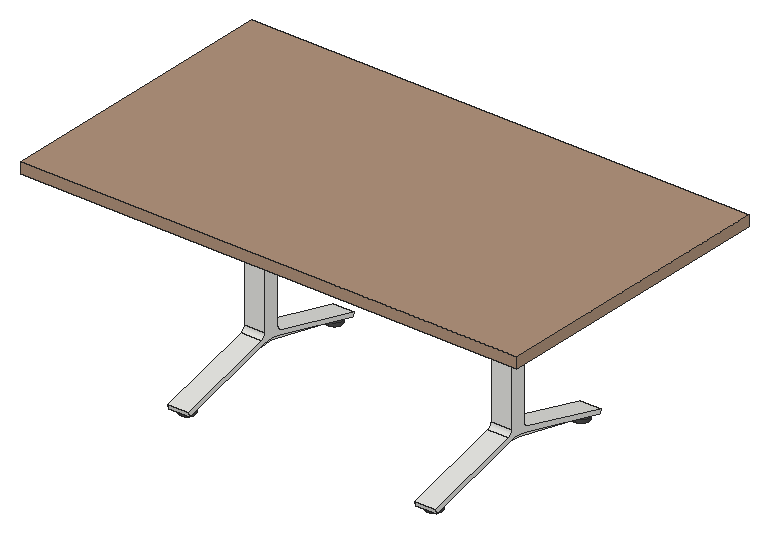
Revit family "Tables-Meeting-Teknion-BC_MRTB_Rectangular_Meeting_Table_Blade_T_Legs-R2019", category Furniture, Revit 2019
Family settings
  OmniClass Number = 23.40.20.00
  OmniClass Title = General Furniture and Specialties
  Work Plane-Based = No
  Always vertical = Yes
  Cut with Voids When Loaded = No
  Shared = Yes
  Room Calculation Point = No
Parameters (values of type "1 9/16" Worksurface Thickness, 42" Depth")
  Worksurface Thickness = 1.555"
  Worksurface Finish [instance] = Source Laminate - Teknion - 3M - Provincial Oak
  Width [instance] = 72.000"
  Warranty = "http://www.teknion.com/ca/papers/legal-canada"
  Unit Weight URL = "http://www.teknion.com/ca/tools/assets#&asset=bee6a381-b954-425e-8283-5a2de3a804f2,f828d448-4b62-4231-9e5f-9a8991c0ed77"
  URL = "www.teknion.com"
  To render please download texture images found here [instance] = "https://assets.teknion.com/web/5e81352c1dfdb467/revit-material-swatches/"
  Sustainability Data = "https://www.teknion.com/ca/tools/assets#&topic=216f99a5-57a0-44fc-b10a-9dee9b29ae4c&asset=444deb64-fe58-4b68-981e-f75e97781df7,b4ff2d81-9f2e-437d-9659-7cffb09c31cf"
  Support Finish [instance] = Paint-Teknion-20-T-Foundation-Atrium White
  Straight Corner [instance] = not(Radius Corner)  # yes
  Series = "Expansion Casegoods"  # constant formula
  Rounded [instance] = if(Radius Corner, 4.000", 0.500")  # 0.500"
  Radius Corner [instance] = no
  Product Page URL = "https://www.teknion.com/ca/products/product-details?productLineId=0053336e-8e7a-673b-a6c8-ff00004460c4"
  Product Line = "Expansion Casegoods"  # constant formula
  Product Documentation Link = "https://www.teknion.com/pricing/expansion-casegoods/pdfs/BC_MRTB_ppg.pdf"
  Power Pill Quad [instance] = no
  Power Module Cut-Out Options [instance] = "Select one of the options below"  # constant formula
  Power [instance] = if(Power Pill Quad, 4.000", 0.500")  # 0.500"
  Part Number = "BC_MRTB"  # constant formula
  No Cut-Out [instance] = not(or([Linear Power Module Compact 8"], [Linear Power Module Standard 18"], Power Pill Quad))  # yes
  Model = "BCXMRTB42_____"
  Manufacturer Phone = "416-661-3370"  # constant formula
  Manufacturer Fax = "416.661.4586"  # constant formula
  Manufacturer Contact Information = "http://www.teknion.com/ca/contactus"
  Manufacturer Address = "1150 Flint Road, Toronto, ON. M3J 2J5. Canada"  # constant formula
  Manufacturer = "Teknion"  # constant formula
  Linear Power Module Standard 18" [instance] = no
  Linear Power Module Compact 8" [instance] = no
  Linear 8 [instance] = if([Linear Power Module Compact 8"], 4.000", 0.500")  # 0.500"
  Linear 18 [instance] = if([Linear Power Module Standard 18"], 4.000", 0.500")  # 0.500"
  How To Use Teknion Materials User Guide [instance] = "https://assets.teknion.com/m/205dd0a49fa58060/original/How-to-add-a-Material-Library-and-Texture-Images-to-your-Revit-project.pdf"
  For Additional Finishes please visit [instance] = "https://assets.teknion.com/m/44a8009b046e5d47/original/Teknion_Materials_Library.zip"
  Description = "Rectangular Meeting Table - Blade T-Legs, 1 9/16\" Worksurface Thickness, 42\" Depth"
  Depth = 41.790"
  Available Corner Detail [instance] = "Select one of the options below"  # constant formula
  Available Widths [instance] = "72\", 78\", 84\", 90\", or 96\""  # constant formula
  Assembly Code = "E2020200"
  Actual Width [instance] = if(Width = 72.000", 71.640", if(Width = 78.000", 77.610", if(Width = 84.000", 83.580", if(Width = 90.000", 89.550", 95.520"))))  # 71.640"
Types (7): name | Worksurface Thickness | Straight Corner | Rounded | Radius Corner | Model | Description | Depth
  (no name) | 1.555" | yes | 0.500" | no | "BCXMRTB42_____" | "Rectangular Meeting Table - Blade T-Legs, 1 9/16\" Worksurface Thickness, 42\" Depth" | 41.790"
  1" Worksurface Thickness, 42" Depth | 1.016" | yes | 0.500" | no | "BCDMRTB42_____" | "Rectangular Meeting Table - Blade T-Legs, 1\" Worksurface Thickness, 42\" Depth" | 41.790"
  1" Worksurface Thickness, 36" Depth | 1.016" | no | 4.000" | yes | "BCDMRTB36_____" | "Rectangular Meeting Table - Blade T-Legs, 1\" Worksurface Thickness, 36\" Depth" | 35.820"
  1 3/16" Worksurface Thickness, 42" Depth | 1.189" | no | 4.000" | yes | "BCMMRTB42_____" | "Rectangular Meeting Table - Blade T-Legs, 1 3/16\" Worksurface Thickness, 42\" Depth" | 41.790"
  1 3/16" Worksurface Thickness, 36" Depth | 1.189" | no | 4.000" | yes | "BCMMRTB36_____" | "Rectangular Meeting Table - Blade T-Legs, 1 3/16\" Worksurface Thickness, 36\" Depth" | 35.820"
  1 9/16" Worksurface Thickness, 36" Depth | 1.555" | no | 4.000" | yes | "BCXMRTB36_____" | "Rectangular Meeting Table - Blade T-Legs, 1 9/16\" Worksurface Thickness, 36\" Depth" | 35.820"
  1 9/16" Worksurface Thickness, 42" Depth | 1.555" | yes | 0.500" | no | "BCXMRTB42_____" | "Rectangular Meeting Table - Blade T-Legs, 1 9/16\" Worksurface Thickness, 42\" Depth" | 41.790"
Reference planes (in)
  plane 1 "Center Front/Back": y = 0
  plane 2: z = 0
  plane 3 "Center Left/Right": x = 0
  plane 4 "Left": x = -35.82
  plane 5 "Right": x = 35.82
  plane 6 "Back": y = 20.895
  plane 7 "Front": y = -20.895
  plane 8 "Top": z = 29.362
  plane 9: x = -17.82
  plane 10: x = 17.82
  plane 11: z = 27.807
Forms (in)
  Sweep 1, solid, material "Paint-Teknion-20-T-Foundation-Atrium White" <- "Support Finish"
    path origin (0, 0, 0) x (1, 0, 0) y (0, 1, 0)
      loop
        line (-19.29638, 0) -> (-16.34362, 0)
    profile origin (-17.82, 0, 0) x (0, 1, 0) y (0, 0, 1)
      loop
        line (1.51376, 3.97797) -> (14.72926, 0.51095) -> (14.87911, 1.08216) -> (1.67396, 4.62795)
        arc (1.67396, 4.62795) -> (1.27332, 4.89588) -> (1.11845, 5.35229) r 0.75
        line (1.11845, 5.35229) -> (1.11845, 27.61811) -> (-1.11845, 27.61811) -> (-1.11845, 5.35229)
        arc (-1.11845, 5.35229) -> (-1.27332, 4.89588) -> (-1.67396, 4.62795) r 0.75
        line (-1.67396, 4.62795) -> (-14.87911, 1.08216) -> (-14.72926, 0.51095) -> (-1.51376, 3.97797)
        arc (-1.51376, 3.97797) -> (0, 4.17323) -> (1.51376, 3.97797) r 5.96536
  Sweep 2, solid, material "Paint-Teknion-20-T-Foundation-Atrium White" <- "Support Finish"
    path origin (0, 0, 0) x (1, 0, 0) y (0, 1, 0)
      loop
        line (19.29638, 0) -> (16.34362, 0)
    profile origin (17.82, 0, 0) x (0, -1, 0) y (0, 0, 1)
      loop
        line (-1.11845, 27.61811) -> (-1.11845, 5.35229)
        arc (-1.11845, 5.35229) -> (-1.27332, 4.89588) -> (-1.67396, 4.62795) r 0.75
        line (-1.67396, 4.62795) -> (-14.87911, 1.08216) -> (-14.72926, 0.51095) -> (-1.51376, 3.97797)
        arc (-1.51376, 3.97797) -> (0, 4.17323) -> (1.51376, 3.97797) r 5.96536
        line (1.51376, 3.97797) -> (14.72926, 0.51095) -> (14.87911, 1.08216) -> (1.67396, 4.62795)
        arc (1.67396, 4.62795) -> (1.27332, 4.89588) -> (1.11845, 5.35229) r 0.75
        line (1.11845, 5.35229) -> (1.11845, 27.61811) -> (-1.11845, 27.61811)
  Sweep 3, solid, material "Paint-Teknion-20-T-Foundation-Atrium White" <- "Support Finish"
    path origin (0, 0, 0) x (1, 0, 0) y (0, 1, 0)
      loop
        line (-18.68614, 0) -> (-16.95386, 0)
    profile origin (-17.82, 0, 0) x (0, 1, 0) y (0, 0, 1)
      loop
        arc (1.51376, 3.97797) -> (0, 4.17323) -> (-1.51376, 3.97797) r 5.96536
        line (-1.51376, 3.97797) -> (-14.45939, 0.58175) -> (-14.44061, 0.51181)
        arc (-14.44061, 0.51181) -> (-13.92068, 0.54) -> (-13.40684, 0.62422) r 4.80963
        line (-13.40684, 0.62422) -> (-1.36155, 3.27517)
        arc (-1.36155, 3.27517) -> (0, 3.42323) -> (1.36155, 3.27517) r 6.33461
        line (1.36155, 3.27517) -> (13.40684, 0.62422)
        arc (13.40684, 0.62422) -> (13.92068, 0.54) -> (14.44061, 0.51181) r 4.80963
        line (14.44061, 0.51181) -> (14.45939, 0.58175) -> (1.51376, 3.97797)
  Sweep 4, solid, material "Paint-Teknion-20-T-Foundation-Atrium White" <- "Support Finish"
    path origin (0, 0, 0) x (-1, 0, 0) y (0, 1, 0)
      loop
        line (-18.68614, 0) -> (-16.95386, 0)
    profile origin (17.82, 0, 0) x (0, -1, 0) y (0, 0, 1)
      loop
        line (-1.51376, 3.97797) -> (-14.45939, 0.58175) -> (-14.44061, 0.51181)
        arc (-14.44061, 0.51181) -> (-13.92068, 0.54) -> (-13.40684, 0.62422) r 4.80963
        line (-13.40684, 0.62422) -> (-1.36155, 3.27517)
        arc (-1.36155, 3.27517) -> (0, 3.42323) -> (1.36155, 3.27517) r 6.33461
        line (1.36155, 3.27517) -> (13.40684, 0.62422)
        arc (13.40684, 0.62422) -> (13.92068, 0.54) -> (14.44061, 0.51181) r 4.80963
        line (14.44061, 0.51181) -> (14.45939, 0.58175) -> (1.51376, 3.97797)
        arc (1.51376, 3.97797) -> (0, 4.17323) -> (-1.51376, 3.97797) r 5.96536
  Sweep 5, solid, material "Source Laminate - Teknion - 3M - Provincial Oak" <- "Worksurface Finish"
    path origin (0, 0, 0) x (1, 0, 0) y (0, 0, 1)
      loop
        line (0, 29.362) -> (0, 27.807)
    profile origin (0, 0, 28.5845) x (0, -1, 0) y (1, 0, 0)
      loop
        line (-20.895, -35.82) -> (20.895, -35.82) -> (20.895, 35.82) -> (-20.895, 35.82) -> (-20.895, -35.82)
  Sweep 6, solid, material "Paint-Teknion-20-T-Foundation-Atrium White" <- "Support Finish"
    path origin (0, 0, 0) x (1, 0, 0) y (0, 0, 1)
      loop
        line (0, 27.61827) -> (0, 27.807)
    profile origin (0, 0, 27.71264) x (-1, 0, 0) y (0, -1, 0)
      loop
        line (20.28063, 5.41339) -> (15.35937, 5.41339) -> (15.35937, -5.41339) -> (20.28063, -5.41339) -> (20.28063, 5.41339)
      loop
        line (-20.28063, -5.41339) -> (-15.35937, -5.41339) -> (-15.35937, 5.41339) -> (-20.28063, 5.41339) -> (-20.28063, -5.41339)
  Sweep 7, solid, material "Plastic - Teknion - E - Ebony"
    path origin (0, 0, 0) x (1, 0, 0) y (0, 0, 1)
      loop
        line (0, 0.3937) -> (0, 0)
    profile origin (0, 0, 0.19685) x (0, -1, 0) y (1, 0, 0)
      loop
        circle (-13.25903, -17.82) r 1.06949
      loop
        circle (13.25903, -17.82) r 1.06949
      loop
        circle (-13.25903, 17.82) r 1.06949
      loop
        circle (13.25903, 17.82) r 1.06949
  Sweep 8, solid, material "Plastic - Teknion - E - Ebony"
    path origin (0, 0, 0) x (1, 0, 0) y (0, 0, 1)
      loop
        line (0, 1.3185) -> (0, 0.3937)
    profile origin (0, 0, 0.8561) x (0, -1, 0) y (1, 0, 0)
      loop
        circle (-13.25903, -17.82) r 0.18898
      loop
        circle (13.25903, -17.82) r 0.18898
      loop
        circle (-13.25903, 17.82) r 0.18898
      loop
        circle (13.25903, 17.82) r 0.18898
  Sweep 9, void
    path origin (0, 0, 0) x (1, 0, 0) y (0, 0, 1)
      loop
        line (0, 26.862) -> (0, 26.362)
    profile origin (0, 0, 26.612) x (0, -1, 0) y (1, 0, 0)
      loop
        arc (-18.02, -35.82) -> (-20.05293, -34.97793) -> (-20.895, -32.945) r 2.875
        line (-20.895, -32.945) -> (-20.895, -35.82) -> (-18.02, -35.82)
      loop
        line (18.02, -35.82) -> (20.895, -35.82) -> (20.895, -32.945)
        arc (20.895, -32.945) -> (20.05293, -34.97793) -> (18.02, -35.82) r 2.875
      loop
        line (-18.02, 35.82) -> (-20.895, 35.82) -> (-20.895, 32.945)
        arc (-20.895, 32.945) -> (-20.05293, 34.97793) -> (-18.02, 35.82) r 2.875
      loop
        arc (18.02, 35.82) -> (20.05293, 34.97793) -> (20.895, 32.945) r 2.875
        line (20.895, 32.945) -> (20.895, 35.82) -> (18.02, 35.82)
  Sweep 10, void
    path origin (0, 0, 0) x (1, 0, 0) y (0, 0, 1)
      loop
        line (0, 26.362) -> (0, 26.862)
    profile origin (0, 0, 26.612) x (-1, 0, 0) y (0, -1, 0)
      loop
        line (-8.38583, -2.32283) -> (8.38583, -2.32283) -> (8.38583, 2.32283) -> (-8.38583, 2.32283) -> (-8.38583, -2.32283)
  Sweep 11, void
    path origin (0, 0, 0) x (1, 0, 0) y (0, 0, 1)
      loop
        line (0, 26.362) -> (0, 26.862)
    profile origin (0, 0, 26.612) x (-1, 0, 0) y (0, -1, 0)
      loop
        line (-3.87795, -2.32283) -> (3.87795, -2.32283) -> (3.87795, 2.32283) -> (-3.87795, 2.32283) -> (-3.87795, -2.32283)
  Sweep 12, void
    path origin (0, 0, 0) x (1, 0, 0) y (0, 0, 1)
      loop
        line (0, 26.362) -> (0, 26.862)
    profile origin (0, 0, 26.612) x (-1, 0, 0) y (0, -1, 0)
      loop
        line (-2.24409, -1.65354) -> (2.24409, -1.65354)
        arc (2.24409, -1.65354) -> (3.89764, 0) -> (2.24409, 1.65354) r 1.65354
        line (2.24409, 1.65354) -> (-2.24409, 1.65354)
        arc (-2.24409, 1.65354) -> (-3.89764, 0) -> (-2.24409, -1.65354) r 1.65354
Cuts and joins
  Sweep 9, Sweep 10, Sweep 11, Sweep 12 cuts Sweep 5
Lines and regions (in)
  Masking region 1, visible <- "Straight Corner"
    outline origin (0, 0, 0) x (1, 0, 0) y (0, 1, 0)
      loop
        line (-35.82, -20.895) -> (35.82, -20.895) -> (35.82, 20.895) -> (-35.82, 20.895) -> (-35.82, -20.895)
  Masking region 2, visible <- "Radius Corner"
    outline origin (0, 0, 0) x (1, 0, 0) y (0, 1, 0)
      loop
        line (-35.82, 18.02) -> (-35.82, -18.02)
        arc (-35.82, -18.02) -> (-34.97793, -20.05293) -> (-32.945, -20.895) r 2.875
        line (-32.945, -20.895) -> (32.945, -20.895)
        arc (32.945, -20.895) -> (34.97793, -20.05293) -> (35.82, -18.02) r 2.875
        line (35.82, -18.02) -> (35.82, 18.02)
        arc (35.82, 18.02) -> (34.97793, 20.05293) -> (32.945, 20.895) r 2.875
        line (32.945, 20.895) -> (-32.945, 20.895)
        arc (-32.945, 20.895) -> (-34.97793, 20.05293) -> (-35.82, 18.02) r 2.875
  symbolic lines, style "FurnitureHiddenLines", detail levels medium+fine
    curve 1: line (-15.35937, -5.41339, 0) -> (-15.35937, 5.41339, 0)
    curve 2: line (-15.35937, 5.41339, 0) -> (-20.28063, 5.41339, 0)
    curve 3: line (-20.28063, 5.41339, 0) -> (-20.28063, -5.41339, 0)
    curve 4: line (-20.28063, -5.41339, 0) -> (-15.35937, -5.41339, 0)
    curve 5: line (15.35937, 5.41339, 0) -> (15.35937, -5.41339, 0)
    curve 6: line (15.35937, -5.41339, 0) -> (20.28063, -5.41339, 0)
    curve 7: line (20.28063, -5.41339, 0) -> (20.28063, 5.41339, 0)
    curve 8: line (20.28063, 5.41339, 0) -> (15.35937, 5.41339, 0)
    curve 9: line (-16.34362, -14.87911, 0) -> (-16.34362, 14.87911, 0)
    curve 10: line (-19.29638, -14.87911, 0) -> (-19.29638, 14.87911, 0)
    curve 11: line (-16.34362, 14.87911, 0) -> (-19.29638, 14.87911, 0)
    curve 12: line (-16.34362, -14.87911, 0) -> (-19.29638, -14.87911, 0)
    curve 13: line (16.34362, 14.87911, 0) -> (19.29638, 14.87911, 0)
    curve 14: line (16.34362, -14.87911, 0) -> (19.29638, -14.87911, 0)
    curve 15: line (16.34362, 14.87911, 0) -> (16.34362, -14.87911, 0)
    curve 16: line (19.29638, 14.87911, 0) -> (19.29638, -14.87911, 0)
    curve 17: line (-16.34362, 1.11845, 0) -> (-19.29638, 1.11845, 0)
    curve 18: line (-19.29638, -1.11845, 0) -> (-16.34362, -1.11845, 0)
    curve 19: line (19.29638, 1.11845, 0) -> (16.34362, 1.11845, 0)
    curve 20: line (16.34362, -1.11845, 0) -> (19.29638, -1.11845, 0)
  symbolic lines, style "FurnitureHiddenLines", detail levels fine
    curve 21: line (-18.68614, -14.45939, 0) -> (-18.68614, 14.45939, 0)
    curve 22: line (-16.95386, -14.45939, 0) -> (-16.95386, 14.45939, 0)
    curve 23: line (-18.68614, 14.45939, 0) -> (-16.95386, 14.45939, 0)
    curve 24: line (-16.95386, -14.45939, 0) -> (-18.68614, -14.45939, 0)
    curve 25: line (16.95386, 14.45939, 0) -> (16.95386, -14.45939, 0)
    curve 26: line (18.68614, 14.45939, 0) -> (18.68614, -14.45939, 0)
    curve 27: line (18.68614, -14.45939, 0) -> (16.95386, -14.45939, 0)
    curve 28: line (16.95386, 14.45939, 0) -> (18.68614, 14.45939, 0)
    curve 29: arc (-17.82, 14.32852, 0) -> (-18.88949, 13.25903, 0) -> (-17.82, 12.18954, 0) r 1.06949
    curve 30: arc (-17.82, 12.18954, 0) -> (-16.75051, 13.25903, 0) -> (-17.82, 14.32852, 0) r 1.06949
    curve 31: arc (-17.82, 13.44801, 0) -> (-18.00898, 13.25903, 0) -> (-17.82, 13.07006, 0) r 0.18898
    curve 32: arc (-17.82, 13.07006, 0) -> (-17.63102, 13.25903, 0) -> (-17.82, 13.44801, 0) r 0.18898
    curve 33: arc (-17.82, -12.18954, 0) -> (-18.88949, -13.25903, 0) -> (-17.82, -14.32852, 0) r 1.06949
    curve 34: arc (-17.82, -14.32852, 0) -> (-16.75051, -13.25903, 0) -> (-17.82, -12.18954, 0) r 1.06949
    curve 35: arc (-17.82, -13.07006, 0) -> (-18.00898, -13.25903, 0) -> (-17.82, -13.44801, 0) r 0.18898
    curve 36: arc (-17.82, -13.44801, 0) -> (-17.63102, -13.25903, 0) -> (-17.82, -13.07006, 0) r 0.18898
    curve 37: arc (17.82, -12.18954, 0) -> (16.75051, -13.25903, 0) -> (17.82, -14.32852, 0) r 1.06949
    curve 38: arc (17.82, -14.32852, 0) -> (18.88949, -13.25903, 0) -> (17.82, -12.18954, 0) r 1.06949
    curve 39: arc (17.82, -13.07006, 0) -> (17.63102, -13.25903, 0) -> (17.82, -13.44801, 0) r 0.18898
    curve 40: arc (17.82, -13.44801, 0) -> (18.00898, -13.25903, 0) -> (17.82, -13.07006, 0) r 0.18898
    curve 41: arc (17.82, 14.32852, 0) -> (16.75051, 13.25903, 0) -> (17.82, 12.18954, 0) r 1.06949
    curve 42: arc (17.82, 12.18954, 0) -> (18.88949, 13.25903, 0) -> (17.82, 14.32852, 0) r 1.06949
    curve 43: arc (17.82, 13.44801, 0) -> (17.63102, 13.25903, 0) -> (17.82, 13.07006, 0) r 0.18898
    curve 44: arc (17.82, 13.07006, 0) -> (18.00898, 13.25903, 0) -> (17.82, 13.44801, 0) r 0.18898
  symbolic lines, visible <- "Linear Power Module Standard 18""
    curve 45: line (8.38583, 2.32283, 0) -> (-8.38583, 2.32283, 0)
    curve 46: line (-8.38583, 2.32283, 0) -> (-8.38583, -2.32283, 0)
    curve 47: line (-8.38583, -2.32283, 0) -> (8.38583, -2.32283, 0)
    curve 48: line (8.38583, -2.32283, 0) -> (8.38583, 2.32283, 0)
  symbolic lines, visible <- "Linear Power Module Compact 8""
    curve 49: line (-3.87795, 2.32283, 0) -> (-3.87795, -2.32283, 0)
    curve 50: line (-3.87795, -2.32283, 0) -> (3.87795, -2.32283, 0)
    curve 51: line (3.87795, -2.32283, 0) -> (3.87795, 2.32283, 0)
    curve 52: line (3.87795, 2.32283, 0) -> (-3.87795, 2.32283, 0)
  symbolic lines, visible <- "Power Pill Quad"
    curve 53: line (2.24409, 1.65354, 0) -> (-2.24409, 1.65354, 0)
    curve 54: arc (-2.24409, 1.65354, 0) -> (-3.89764, 0, 0) -> (-2.24409, -1.65354, 0) r 1.65354
    curve 55: line (-2.24409, -1.65354, 0) -> (2.24409, -1.65354, 0)
    curve 56: arc (2.24409, -1.65354, 0) -> (3.89764, 0, 0) -> (2.24409, 1.65354, 0) r 1.65354
Dimensions and locks (in)
  "Actual Width": plane 4 "Left" to plane 5 "Right"
  "Depth": plane 6 "Back" to plane 7 "Front"
  locked: plane 11 to level at 27.807
  equal spacing: plane 4 "Left", plane 3 "Center Left/Right", plane 5 "Right"
  equal spacing: plane 6 "Back", plane 1 "Center Front/Back", plane 7 "Front"
  locked: plane 4 "Left" to plane 9 at 18
  locked: plane 10 to plane 5 "Right" at 18
  Sweep 1 sketch curve to plane 9 to Sweep 1 sketch curve = 1.47638" locked, 1.47638" locked
  Sweep 2 sketch curve to plane 10 to Sweep 2 sketch curve = 1.47638" locked, 1.47638" locked
  Sweep 3 sketch curve to plane 9 to Sweep 3 sketch curve = 0.86614" locked, 0.86614" locked
  Sweep 4 sketch curve to plane 10 to Sweep 4 sketch curve = 0.86614" locked, 0.86614" locked
  locked: plane 8 "Top" to Sweep 5 sketch curve at 0
  "Worksurface Thickness": Sweep 5 sketch curve to Sweep 5 sketch curve
  "Worksurface Thickness": plane 8 "Top" to Sweep 6 sketch curve
  locked: Sweep 6 sketch curve to Sweep 6 sketch curve at 0.18873
  Sweep 6 sketch curve to plane 9 to Sweep 6 sketch curve = 2.46063" locked, 2.46063" locked
  Sweep 6 sketch curve to plane 10 to Sweep 6 sketch curve = 2.46063" locked, 2.46063" locked
  Sweep 6 sketch curve to Sweep 6 sketch curve to plane 1 "Center Front/Back" to Sweep 6 sketch curve to Sweep 6 sketch curve = 0.000" locked, 5.41339" locked, 5.41339" locked, 0.000" locked
  Sweep 7 sketch curve to level to Sweep 7 sketch curve = 0.3937" locked, 0.000" locked
  Sweep 7 sketch curve to plane 1 "Center Front/Back" to Sweep 7 sketch curve = 13.25903" locked, 13.25903" locked  (x2)
  plane 10 to Sweep 7 sketch curve to Sweep 7 sketch curve = 0.000" locked, 0.000" locked
  Sweep 7 sketch curve to Sweep 7 sketch curve to plane 9 = 0.000" locked, 0.000" locked
  Sweep 8 sketch curve to Sweep 8 sketch curve to level = 0.9248" locked, 0.3937" locked
  Sweep 8 sketch curve to Sweep 8 sketch curve to plane 9 = 0.000" locked, 0.000" locked
  plane 10 to Sweep 8 sketch curve to Sweep 8 sketch curve = 0.000" locked, 0.000" locked
  Sweep 8 sketch curve to Sweep 8 sketch curve to plane 1 "Center Front/Back" to Sweep 8 sketch curve to Sweep 8 sketch curve = 0.000" locked, 13.25903" locked, 13.25903" locked, 0.000" locked
  locked: plane 8 "Top" to Sweep 9 sketch curve at 3
  "Rounded": Sweep 9 sketch curve to Sweep 9 sketch curve
  locked: plane 6 "Back" to Sweep 9 sketch curve at 2.875  (x2)
  locked: plane 4 "Left" to Sweep 9 sketch curve at 2.875  (x2)
  locked: plane 7 "Front" to Sweep 9 sketch curve at 2.875  (x2)
  locked: Sweep 9 sketch curve to plane 5 "Right" at 2.875  (x2)
  locked: plane 8 "Top" to Sweep 10 sketch curve at 3
  "Linear 18": Sweep 10 sketch curve to Sweep 10 sketch curve
  Sweep 10 sketch curve to plane 3 "Center Left/Right" to Sweep 10 sketch curve = 8.38583" locked, 8.38583" locked
  Sweep 10 sketch curve to plane 1 "Center Front/Back" to Sweep 10 sketch curve = 2.32283" locked, 2.32283" locked
  locked: plane 8 "Top" to Sweep 11 sketch curve at 3
  "Linear 8": Sweep 11 sketch curve to Sweep 11 sketch curve
  Sweep 11 sketch curve to plane 3 "Center Left/Right" to Sweep 11 sketch curve = 3.87795" locked, 3.87795" locked
  Sweep 11 sketch curve to plane 1 "Center Front/Back" to Sweep 11 sketch curve = 2.32283" locked, 2.32283" locked
  locked: plane 8 "Top" to Sweep 12 sketch curve at 3
  "Power": Sweep 12 sketch curve to Sweep 12 sketch curve
  Sweep 12 sketch curve to plane 3 "Center Left/Right" to Sweep 12 sketch curve = 2.24409" locked, 2.24409" locked
  Sweep 12 sketch curve to plane 1 "Center Front/Back" to Sweep 12 sketch curve = 1.65354" locked, 1.65354" locked
  Sweep 1 sketch curve to Sweep 1 sketch curve to Sweep 1 sketch curve to Sweep 1 sketch curve to Sweep 1 sketch curve to Sweep 1 sketch curve to Sweep 1 sketch curve to Sweep 1 sketch curve to Sweep 1 sketch curve = 0.14985" locked, 12.8608" locked, 0.750" locked, 1.11845" locked, 1.11845" locked, 0.750" locked, 12.8608" locked, 0.14985" locked
  Sweep 1 sketch curve to Sweep 1 sketch curve to Sweep 1 sketch curve to Sweep 1 sketch curve to Sweep 1 sketch curve to Sweep 1 sketch curve to level to Sweep 1 sketch curve = 0.000" locked, 4.27013" locked, 0.000" locked, 0.57121" locked, 0.000" locked, 0.51095" locked, 1.79213" locked
  Sweep 3 sketch curve to Sweep 3 sketch curve to Sweep 3 sketch curve to Sweep 3 sketch curve to Sweep 3 sketch curve to Sweep 3 sketch curve to level to Sweep 3 sketch curve to Sweep 3 sketch curve = 0.000" locked, 4.7397" locked, 0.000" locked, 0.06993" locked, 0.000" locked, 0.51181" locked, 1.79213" locked, 1.11924" locked
  Sweep 3 sketch curve to Sweep 3 sketch curve to Sweep 3 sketch curve to plane 1 "Center Front/Back" to Sweep 3 sketch curve to Sweep 3 sketch curve to Sweep 3 sketch curve to Sweep 3 sketch curve to Sweep 3 sketch curve = 0.01878" locked, 0.000" locked, 14.44061" locked, 0.000" locked, 0.000" locked, 14.44061" locked, 0.000" locked, 0.01878" locked
  Sweep 2 sketch curve to Sweep 2 sketch curve to Sweep 2 sketch curve to Sweep 2 sketch curve to Sweep 2 sketch curve to Sweep 2 sketch curve to Sweep 2 sketch curve to Sweep 2 sketch curve to Sweep 2 sketch curve = 0.14985" locked, 12.8608" locked, 0.750" locked, 1.11845" locked, 1.11845" locked, 0.750" locked, 12.8608" locked, 0.14985" locked
  Sweep 2 sketch curve to Sweep 2 sketch curve to Sweep 2 sketch curve to Sweep 2 sketch curve to Sweep 2 sketch curve to Sweep 2 sketch curve to Sweep 2 sketch curve to level to Sweep 2 sketch curve = 22.26582" locked, 0.000" locked, 4.27013" locked, 0.000" locked, 0.57121" locked, 0.000" locked, 0.51095" locked, 1.79213" locked
  Sweep 4 sketch curve to Sweep 4 sketch curve to Sweep 4 sketch curve to Sweep 4 sketch curve to Sweep 4 sketch curve to Sweep 4 sketch curve to level to Sweep 4 sketch curve to Sweep 4 sketch curve = 0.000" locked, 4.7397" locked, 0.000" locked, 0.06993" locked, 0.000" locked, 0.51181" locked, 1.79213" locked, 1.11924" locked
  Sweep 4 sketch curve to Sweep 4 sketch curve to Sweep 4 sketch curve to plane 1 "Center Front/Back" to Sweep 4 sketch curve to Sweep 4 sketch curve to Sweep 4 sketch curve to Sweep 4 sketch curve to Sweep 4 sketch curve = 0.01878" locked, 0.000" locked, 14.44061" locked, 0.000" locked, 0.000" locked, 14.44061" locked, 0.000" locked, 0.01878" locked
  "Worksurface Thickness": plane 8 "Top" to plane 11
  aligned and locked: level to plane 2
  aligned and locked: plane 1 "Center Front/Back" to Sweep 1 sketch curve
  aligned and locked: Sweep 2 sketch curve to plane 1 "Center Front/Back"
  aligned and locked: plane 1 "Center Front/Back" to Sweep 3 sketch curve
  aligned and locked: Sweep 4 sketch curve to plane 1 "Center Front/Back"
  aligned and locked: Sweep 5 sketch curve to plane 3 "Center Left/Right"
  aligned and locked: plane 6 "Back" to Sweep 5 sketch curve
  aligned and locked: plane 4 "Left" to Sweep 5 sketch curve
  aligned and locked: Sweep 5 sketch curve to plane 7 "Front"
  aligned and locked: Sweep 5 sketch curve to plane 5 "Right"
  aligned and locked: plane 3 "Center Left/Right" to Sweep 6 sketch curve
  aligned and locked: Sweep 7 sketch curve to plane 3 "Center Left/Right"
  aligned and locked: Sweep 8 sketch curve to plane 3 "Center Left/Right"
  aligned and locked: Sweep 9 sketch curve to plane 3 "Center Left/Right"
  aligned and locked: Sweep 9 sketch curve to plane 5 "Right"
  aligned and locked: plane 4 "Left" to Sweep 9 sketch curve
  aligned and locked: Sweep 9 sketch curve to plane 7 "Front"
  aligned and locked: plane 7 "Front" to Sweep 9 sketch curve
  aligned and locked: plane 3 "Center Left/Right" to Sweep 10 sketch curve
  aligned and locked: plane 3 "Center Left/Right" to Sweep 11 sketch curve
  aligned and locked: plane 3 "Center Left/Right" to Sweep 12 sketch curve
  aligned and locked: Masking region 1 sketch curve to plane 4 "Left"
  aligned and locked: plane 6 "Back" to Masking region 1 sketch curve
  aligned and locked: plane 7 "Front" to Masking region 1 sketch curve
  aligned and locked: Masking region 1 sketch curve to plane 5 "Right"
  aligned and locked: Masking region 2 sketch curve to plane 4 "Left"
  aligned and locked: plane 7 "Front" to Masking region 2 sketch curve
  aligned and locked: Masking region 2 sketch curve to plane 5 "Right"
  aligned and locked: plane 6 "Back" to Masking region 2 sketch curve
  aligned and locked: curve 1 to Sweep 6
  aligned and locked: curve 2 to Sweep 6
  aligned and locked: curve 3 to Sweep 6
  aligned and locked: curve 4 to Sweep 6
  aligned and locked: curve 5 to Sweep 6
  aligned and locked: curve 6 to Sweep 6
  aligned and locked: curve 7 to Sweep 6
  aligned and locked: curve 8 to Sweep 6
  aligned and locked: curve 9 to Sweep 1
  aligned and locked: curve 10 to Sweep 1
  aligned and locked: curve 11 to Sweep 1
  aligned and locked: curve 12 to Sweep 1
  aligned and locked: curve 13 to Sweep 2
  aligned and locked: curve 14 to Sweep 2
  aligned and locked: curve 15 to Sweep 2
  aligned and locked: curve 16 to Sweep 2
  aligned and locked: curve 17 to Sweep 1
  aligned and locked: curve 18 to Sweep 1
  aligned and locked: curve 19 to Sweep 2
  aligned and locked: curve 20 to Sweep 2
  aligned and locked: curve 21 to Sweep 3
  aligned and locked: curve 22 to Sweep 3
  aligned and locked: curve 23 to Sweep 3
  aligned and locked: curve 24 to Sweep 3
  aligned and locked: curve 25 to Sweep 4
  aligned and locked: curve 26 to Sweep 4
  aligned and locked: curve 27 to Sweep 4
  aligned and locked: curve 28 to Sweep 4
  aligned and locked: curve 29 to Sweep 7
  aligned and locked: curve 30 to Sweep 7
  aligned and locked: curve 31 to Sweep 8
  aligned and locked: curve 32 to Sweep 8
  aligned and locked: curve 33 to Sweep 7
  aligned and locked: curve 34 to Sweep 7
  aligned and locked: curve 35 to Sweep 8
  aligned and locked: curve 36 to Sweep 8
  aligned and locked: curve 37 to Sweep 7
  aligned and locked: curve 38 to Sweep 7
  aligned and locked: curve 39 to Sweep 8
  aligned and locked: curve 40 to Sweep 8
  aligned and locked: curve 41 to Sweep 7
  aligned and locked: curve 42 to Sweep 7
  aligned and locked: curve 43 to Sweep 8
  aligned and locked: curve 44 to Sweep 8
  aligned and locked: curve 45 to Sweep 10
  aligned and locked: curve 46 to Sweep 10
  aligned and locked: curve 47 to Sweep 10
  aligned and locked: curve 48 to Sweep 10
  aligned and locked: curve 49 to Sweep 11
  aligned and locked: curve 50 to Sweep 11
  aligned and locked: curve 51 to Sweep 11
  aligned and locked: curve 52 to Sweep 11
  aligned and locked: curve 54 to Sweep 12
  aligned and locked: curve 56 to Sweep 12
Automatic sketch dimensions
  Sweep 1 sketch curve to Sweep 1 sketch curve = 0.1602"  (x2)
  Sweep 1 sketch curve to Sweep 1 sketch curve = 0.1945"  (x2)
  Sweep 2 sketch curve to profile plane = 0.000"
  Sweep 2 sketch curve to Sweep 2 sketch curve = 0.3953"  (x2)
  Sweep 2 sketch curve to Sweep 2 sketch curve = 0.1602"  (x2)
  profile plane to Sweep 3 sketch curve = 1.36155"
  Sweep 3 sketch curve to Sweep 3 sketch curve = 0.15221"  (x2)
  level to Sweep 3 sketch curve = 0.62422"  (x2)
  Sweep 3 sketch curve to profile plane = 1.36155"
  level to Sweep 3 sketch curve = 3.27517"
  Sweep 3 sketch curve to Sweep 3 sketch curve = 0.70279"
  profile plane to Sweep 4 sketch curve = 1.36155"
  Sweep 4 sketch curve to Sweep 4 sketch curve = 0.15221"  (x2)
  level to Sweep 4 sketch curve = 0.62422"  (x2)
  Sweep 4 sketch curve to profile plane = 1.36155"
  level to Sweep 4 sketch curve = 3.27517"
  Sweep 4 sketch curve to Sweep 4 sketch curve = 0.70279"
  plane 4 "Left" to Masking region 2 sketch curve = 2.875"  (x2)
  Masking region 2 sketch curve to Masking region 2 sketch curve = 2.875"  (x2)
  curve 49 to curve 53 = 1.63386"
  Sweep 1 sketch curve to profile plane = 0.000"
  Sweep 1 sketch curve to Sweep 1 sketch curve = 22.26582"
  radius of Sweep 7 sketch curve = 1.06949"  (x4)
  radius of Sweep 8 sketch curve = 0.18898"  (x4)
